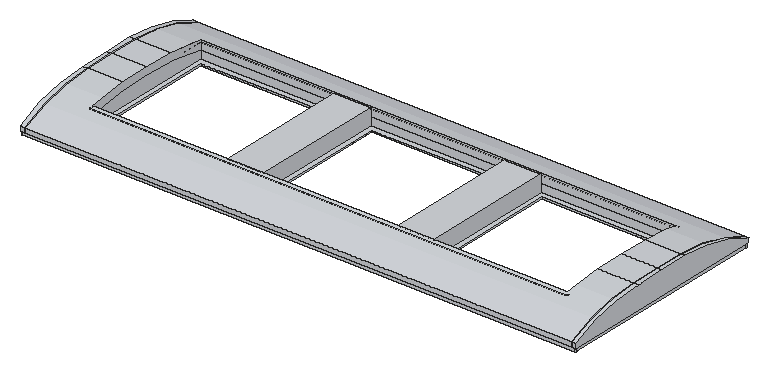
Revit family "Gira_0213334", category Electrical Fixtures, host Face, Revit 2017
Family settings
  Host = Face
  Maintain Annotation Orientation = No
  Round Connector Dimension = Use Diameter
  Part Type = Normal
  Cut with Voids When Loaded = No
  Shared = No
  Room Calculation Point = No
Parameters (values of type "Cov.fr. 3-g interm.fr. PW Gira Event Opaque white")
  With mounting grid = "No"
  With hinged lid = "No"
  URL = "http://katalog.gira.de/en/datenblatt.html?artikelnr=0213334"
  Type of fastening = "Clamp mounting"
  Transparent = "No"
  Surface protection = "Other"
  Surface finishing = "Glossy"
  Suitable for wall duct = "No"
  Suitable for flush-mounted installation = "Yes"
  Suitable for floor box = "No"
  Suitable for built-in installation = "No"
  Number of units vertical = "3"
  Number of units horizontal = "3"
  Number of units = "3"
  Name = "Cov.fr. 3-g interm.fr. PW Gira Event Opaque white"
  Mounting direction = "Horizontal and vertical"
  Material quality = "Thermoplastic"
  Material = "Plastic"
  Manufacturer URL = "https://www.gira.de/"
  Manufacturer = "Gira"
  Label space/information surface = "No"
  Keynote = ""
  HeinzeBIM = "https://bimportal.heinze.de/bim/cov-fr-3-g-interm-fr-pw-gira-event-opaque-white/6321fb9fbfd5645d6406d372648f5a5e8b2f496a"
  Halogen free = "Yes"
  HAN = "0213334"
  GTIN = "4010337074403"
  Description = "Cov.fr.3g i.fr.PW EvOp WH,Gira Event Opaque frames,white with pure white glossy intermediate frame,3-gang,Features:,- Shatter-proof."
  Degree of protection (IP) = "IP20"
  Default Elevation = 1219.2 mm
  Data sheet (1) = "https://katalog.gira.de/en/download.html?artikelnr=0213334"
  Colour = "White"
  Category = "Cover frame for domestic switching devices"
  BIM (1) = "https://media.stage.bim.site/public/gira/36a6b08/Event_Rahmen_3fach.rfa"
  Available = "No"
Reference planes
  plane 1 "Center (Front/Back)": y = 0
  plane 2: z = 0
  plane 3 "Center (Left/Right)": x = 0
Forms (mm)
  Extrusion 1, solid, detail levels fine
    sketch origin (0, 0, 0.05) x (0, 1, 0) y (0, 0, 1)
      loop
        arc (12.445, 9.683) -> (6.223, 9.833) -> (0, 9.85) r 291.636
        arc (0, 9.85) -> (-6.223, 9.833) -> (-12.445, 9.683) r 291.636
        arc (-12.445, 9.683) -> (-29.14, 7.482) -> (-45, 1.823) r 79.728
        line (-45, 1.823) -> (-45, -0.05) -> (-42.086, -0.05)
        arc (-42.086, -0.05) -> (-21.385, 5.559) -> (0, 7.206) r 114.424
        arc (0, 7.206) -> (21.385, 5.559) -> (42.086, -0.05) r 114.424
        line (42.086, -0.05) -> (45, -0.05) -> (45, 1.823)
        arc (45, 1.823) -> (29.14, 7.482) -> (12.445, 9.683) r 79.728
    from -114.3 to 114.3
  Extrusion 2, void, detail levels fine
    sketch origin (0, 0, 0) x (1, 0, 0) y (0, 1, 0)
      loop
        line (-99.355, -28.053) -> (99.355, -28.053) -> (99.355, 28.053) -> (-99.355, 28.053) -> (-99.355, -28.053)
    from 0.724 to 11
  Extrusion 3, solid, detail levels coarse
    sketch origin (0, 0, 0) x (1, 0, 0) y (0, 1, 0)
      loop
        line (-116.3, 45) -> (-116.3, -45) -> (116.3, -45) -> (116.3, 45) -> (-116.3, 45)
    from -1.5 to 9.9
  Extrusion 4, solid, detail levels medium
    sketch origin (0, 0, 0.05) x (0, 1, 0) y (0, 0, 1)
      loop
        arc (12.445, 9.683) -> (6.223, 9.833) -> (0, 9.85) r 291.636
        arc (0, 9.85) -> (-6.223, 9.833) -> (-12.445, 9.683) r 291.636
        arc (-12.445, 9.683) -> (-29.14, 7.482) -> (-45, 1.823) r 79.728
        line (-45, 1.823) -> (-45, -0.05) -> (45, -0.05) -> (45, 1.823)
        arc (45, 1.823) -> (29.14, 7.482) -> (12.445, 9.683) r 79.728
    from -116.3 to 116.3
  Extrusion 5, solid, detail levels fine
    sketch origin (-71.3, 0, -1.5) x (0, 1, 0) y (0, 0, -1)
      loop
        line (45, -3.373) -> (45, -1.5) -> (-45, -1.5) -> (-45, -3.373)
        arc (-45, -3.373) -> (-29.14, -9.032) -> (-12.445, -11.233) r 79.728
        arc (-12.445, -11.233) -> (-6.223, -11.383) -> (0, -11.4) r 291.636
        arc (0, -11.4) -> (6.223, -11.383) -> (12.445, -11.233) r 291.636
        arc (12.445, -11.233) -> (29.14, -9.032) -> (45, -3.373) r 79.728
    from 43 to 45
  Extrusion 6, solid, detail levels fine
    sketch origin (0, 0, 0) x (1, 0, 0) y (0, 1, 0)
      loop
        line (-97.195, 25.7) -> (-97.195, -25.7) -> (-45.395, -25.7) -> (-45.395, 25.7) -> (-97.195, 25.7)
      loop
        line (25.9, -25.7) -> (25.9, 25.7) -> (-25.9, 25.7) -> (-25.9, -25.7) -> (25.9, -25.7)
      loop
        line (-100.19, 28.49) -> (-100.19, -28.495)
        spline (-100.19, -28.495) -> (-100.181, -28.625) -> (-100.156, -28.754) -> (-100.113, -28.878) -> (-100.056, -28.995) -> (-99.983, -29.104) -> (-99.897, -29.202) -> (-99.798, -29.288) -> (-99.69, -29.361) -> (-99.572, -29.419) -> (-99.448, -29.461) -> (-99.32, -29.486) -> (-99.19, -29.495)
        line (-99.19, -29.495) -> (99.195, -29.495)
        spline (99.195, -29.495) -> (99.325, -29.486) -> (99.454, -29.461) -> (99.578, -29.419) -> (99.695, -29.361) -> (99.804, -29.288) -> (99.902, -29.202) -> (99.988, -29.104) -> (100.061, -28.995) -> (100.119, -28.878) -> (100.161, -28.754) -> (100.186, -28.625) -> (100.195, -28.495)
        line (100.195, -28.495) -> (100.195, 28.49)
        spline (100.195, 28.49) -> (100.186, 28.62) -> (100.161, 28.748) -> (100.119, 28.872) -> (100.061, 28.99) -> (99.988, 29.098) -> (99.902, 29.197) -> (99.804, 29.283) -> (99.695, 29.356) -> (99.578, 29.413) -> (99.454, 29.456) -> (99.325, 29.481) -> (99.195, 29.49)
        line (99.195, 29.49) -> (-99.19, 29.49)
        spline (-99.19, 29.49) -> (-99.32, 29.481) -> (-99.448, 29.456) -> (-99.572, 29.413) -> (-99.69, 29.356) -> (-99.798, 29.283) -> (-99.897, 29.197) -> (-99.983, 29.098) -> (-100.056, 28.99) -> (-100.113, 28.872) -> (-100.156, 28.748) -> (-100.181, 28.62) -> (-100.19, 28.49)
      loop
        line (97.2, -25.7) -> (97.2, 25.7) -> (45.4, 25.7) -> (45.4, -25.7) -> (97.2, -25.7)
    from 0.1 to 7.3
  Extrusion 7, solid
    sketch origin (0, 0, 0) x (1, 0, 0) y (0, 1, 0)
      loop
        arc (-116, -44.2) -> (-115.854, -44.554) -> (-115.5, -44.7) r 0.5
        line (-115.5, -44.7) -> (115.5, -44.7)
        arc (115.5, -44.7) -> (115.854, -44.554) -> (116, -44.2) r 0.5
        line (116, -44.2) -> (116, 44.2)
        arc (116, 44.2) -> (115.854, 44.554) -> (115.5, 44.7) r 0.5
        line (115.5, 44.7) -> (-115.5, 44.7)
        arc (-115.5, 44.7) -> (-115.854, 44.554) -> (-116, 44.2) r 0.5
        line (-116, 44.2) -> (-116, -44.2)
      loop
        line (-114.3, 43) -> (-114.3, -43) -> (114.3, -43) -> (114.3, 43) -> (-114.3, 43)
    from -1.5 to 0.5
  Extrusion 8, solid, detail levels fine
    sketch origin (71.3, 0, -1.5) x (0, 1, 0) y (0, 0, 1)
      loop
        arc (45, 3.373) -> (29.14, 9.032) -> (12.445, 11.233) r 79.728
        arc (12.445, 11.233) -> (6.223, 11.383) -> (0, 11.4) r 291.636
        arc (0, 11.4) -> (-6.223, 11.383) -> (-12.445, 11.233) r 291.636
        arc (-12.445, 11.233) -> (-29.14, 9.032) -> (-45, 3.373) r 79.728
        line (-45, 3.373) -> (-45, 1.5) -> (45, 1.5) -> (45, 3.373)
    from 43 to 45
  Extrusion 9, solid, detail levels medium
    sketch origin (0, 0, 0) x (1, 0, 0) y (0, 1, 0)
      loop
        line (-116, -44.7) -> (116, -44.7) -> (116, 44.7) -> (-116, 44.7) -> (-116, -44.7)
    from -1.5 to 0.5
  Extrusion 10, solid, detail levels fine
    sketch origin (-34.207, 0, 0) x (1, 0, 0) y (0, 1, 0)
      loop
        line (-8.943, 28.063) -> (-8.943, -27.937) -> (6.057, -27.937) -> (6.057, 28.063) -> (-8.943, 28.063)
    from 0.724 to 7.566
  Extrusion 11, solid, detail levels fine
    sketch origin (34.207, 0, 0) x (-1, 0, 0) y (0, -1, 0)
      loop
        line (-8.943, -28.063) -> (6.057, -28.063) -> (6.057, 27.937) -> (-8.943, 27.937) -> (-8.943, -28.063)
    from 0.724 to 7.566
Cuts and joins
  Extrusion 2 cuts Extrusion 1
  Extrusion 2 cuts Extrusion 6
Dimensions and locks
  aligned and locked: plane 2 to host face
  aligned and locked: level to host face
